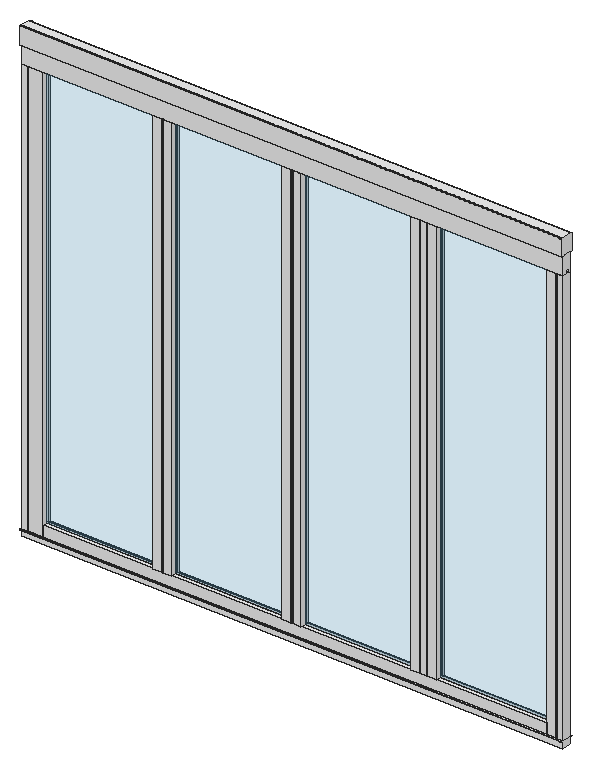
Revit family "98126", category Windows, host Wall, Revit 2018 (continued)
Definition of nested family "Right-Jamb_HSW-60"
  Definition of nested family "Profile_RightJamb_HSW60"
    Lines and regions (in)
      model lines, in view "Ref. Level"
        curve 894: line (-2.14743, 0.61943, 0) -> (-2.15919, 0.6398, 0)
        curve 895: line (-2.15919, 0.6398, 0) -> (-2.15919, 0.67417, 0)
        curve 896: line (-2.15919, 0.67417, 0) -> (-2.15919, 0.6398, 0)
        curve 897: line (-2.15919, 0.6398, 0) -> (-2.14743, 0.61943, 0)
        curve 898: line (-2.14743, 0.61943, 0) -> (-2.15919, 0.59906, 0)
        curve 899: line (-2.15919, 0.59906, 0) -> (-2.15919, 0.34934, 0)
        curve 900: line (-1.99384, 0.76278, 0) -> (-2.10611, 0.73943, 0)
        curve 901: line (-2.10611, 0.73943, 0) -> (-1.99384, 0.76278, 0)
        curve 902: line (-1.99384, 0.76278, 0) -> (-2.10611, 0.73943, 0)
        curve 903: line (-2.10611, 0.73943, 0) -> (-1.99384, 0.76278, 0)
        curve 904: line (-0.12447, 1.09773, 0) -> (-0.02254, 1.09773, 0)
        curve 905: line (-0.02254, 1.09773, 0) -> (-0.12447, 1.09773, 0)
        curve 906: line (-0.12447, 1.09773, 0) -> (-0.02254, 1.09773, 0)
        curve 907: line (-0.02254, 1.09773, 0) -> (-0.12447, 1.09773, 0)
        curve 908: line (-0.29697, 0.93307, 0) -> (-0.29697, 0.99481, 0)
        curve 909: line (-0.29697, 0.99481, 0) -> (-0.29697, 0.93307, 0)
        curve 910: line (-0.29697, 0.93307, 0) -> (-0.29697, 0.99481, 0)
        curve 911: line (-0.29697, 0.99481, 0) -> (-0.29697, 0.93307, 0)
        curve 912: line (-0.21072, 0.89386, 0) -> (-0.21072, 0.92523, 0)
        curve 913: line (-0.21072, 0.92523, 0) -> (-0.21072, 0.89386, 0)
        curve 914: line (-0.21072, 0.89386, 0) -> (-0.25777, 0.89386, 0)
        curve 915: line (-0.25777, 0.89386, 0) -> (-0.21072, 0.89386, 0)
        curve 916: line (-0.21072, 0.89386, 0) -> (-0.21072, 0.92523, 0)
        curve 917: line (-0.21072, 0.92523, 0) -> (-0.21072, 0.89386, 0)
        curve 918: line (-0.21072, 0.89386, 0) -> (-0.25777, 0.89386, 0)
        curve 919: line (-0.25777, 0.89386, 0) -> (-0.21072, 0.89386, 0)
        curve 920: line (-0.04848, 0.89827, 0) -> (-0.18491, 0.94382, 0)
        curve 921: line (-0.18491, 0.94382, 0) -> (-0.04848, 0.89827, 0)
        curve 922: line (-0.04848, 0.89827, 0) -> (-0.18491, 0.94382, 0)
        curve 923: line (-0.18491, 0.94382, 0) -> (-0.04848, 0.89827, 0)
        curve 924: line (-0.00294, 0.34934, 0) -> (-0.00294, 0.83506, 0)
        curve 925: line (-0.00294, 0.83506, 0) -> (-0.00294, 0.34934, 0)
        curve 926: line (-0.06959, 0.54886, 0) -> (-0.94668, 0.54886, 0)
        curve 927: line (-0.94668, 0.54886, 0) -> (-0.06959, 0.54886, 0)
        curve 928: line (-0.06959, 0.54886, 0) -> (-0.94668, 0.54886, 0)
        curve 929: line (-0.94668, 0.54886, 0) -> (-0.06959, 0.54886, 0)
        curve 930: line (-0.06959, 0.54886, 0) -> (-0.06959, 0.83506, 0)
        curve 931: line (-0.06959, 0.83506, 0) -> (-0.25777, 0.83506, 0)
        curve 932: line (-0.25777, 0.83506, 0) -> (-0.06959, 0.83506, 0)
        curve 933: line (-0.06959, 0.83506, 0) -> (-0.06959, 0.54886, 0)
        curve 934: line (-0.06959, 0.54886, 0) -> (-0.06959, 0.83506, 0)
        curve 935: line (-0.06959, 0.83506, 0) -> (-0.25777, 0.83506, 0)
        curve 936: line (-0.25777, 0.83506, 0) -> (-0.06959, 0.83506, 0)
        curve 937: line (-0.06959, 0.83506, 0) -> (-0.06959, 0.54886, 0)
        curve 938: line (-0.07645, 0.46261, 0) -> (-0.07645, 0.44144, 0)
        curve 939: line (-0.07645, 0.44144, 0) -> (-0.12055, 0.36505, 0)
        curve 940: line (-0.12055, 0.36505, 0) -> (-0.12055, 0.35535, 0)
        curve 941: line (-0.12055, 0.35535, 0) -> (-0.12055, 0.36505, 0)
        curve 942: line (-0.12055, 0.36505, 0) -> (-0.07645, 0.44144, 0)
        curve 943: line (-0.07645, 0.44144, 0) -> (-0.07645, 0.46261, 0)
        curve 944: line (-0.07645, 0.46261, 0) -> (-0.07645, 0.44144, 0)
        curve 945: line (-0.07645, 0.44144, 0) -> (-0.12055, 0.36505, 0)
        curve 946: line (-0.12055, 0.36505, 0) -> (-0.12055, 0.35535, 0)
        curve 947: line (-0.12055, 0.35535, 0) -> (-0.02763, 0.3304, 0)
        curve 948: line (-0.02762, 0.3304, 0) -> (-0.12055, 0.3553, 0)
        curve 949: line (-0.95944, 0.47045, 0) -> (-0.35405, 0.47045, 0)
        curve 950: line (-0.35405, 0.47045, 0) -> (-0.29746, 0.37244, 0)
        curve 951: line (-0.29746, 0.37244, 0) -> (-0.35405, 0.47045, 0)
        curve 952: line (-0.35405, 0.47045, 0) -> (-0.95944, 0.47045, 0)
        curve 953: line (-1.86467, 0.37244, 0) -> (-1.80808, 0.47045, 0)
        curve 954: line (-1.80808, 0.47045, 0) -> (-1.16349, 0.47045, 0)
        curve 955: line (-1.16349, 0.47045, 0) -> (-1.80808, 0.47045, 0)
        curve 956: line (-1.80808, 0.47045, 0) -> (-1.86467, 0.37244, 0)
        curve 957: line (-1.96317, 0.35284, 0) -> (-1.89862, 0.35284, 0)
        curve 958: line (-1.89862, 0.35284, 0) -> (-1.96317, 0.35284, 0)
        curve 959: line (-1.96317, 0.35284, 0) -> (-1.96317, 0.36505, 0)
        curve 960: line (-1.96317, 0.36505, 0) -> (-1.91906, 0.44144, 0)
        curve 961: line (-1.91906, 0.44144, 0) -> (-1.91906, 0.46261, 0)
        curve 962: line (-1.17625, 0.54886, 0) -> (-1.50447, 0.54886, 0)
        curve 963: line (-1.50447, 0.54886, 0) -> (-1.50447, 0.78801, 0)
        curve 964: line (-1.50447, 0.78801, 0) -> (-1.3751, 0.78801, 0)
        curve 965: line (-1.3751, 0.78801, 0) -> (-1.50447, 0.78801, 0)
        curve 966: line (-1.50447, 0.78801, 0) -> (-1.3751, 0.78801, 0)
        curve 967: line (-1.96317, -0.35284, 0) -> (-1.89862, -0.35284, 0)
        curve 968: line (-1.89862, -0.35284, 0) -> (-1.95294, -0.35284, 0)
        curve 969: line (-1.95294, -0.35284, 0) -> (-1.89862, -0.35284, 0)
        curve 970: line (-1.89862, -0.35284, 0) -> (-1.96317, -0.35284, 0)
        curve 971: line (-1.96317, -0.35284, 0) -> (-1.96317, -0.36505, 0)
        curve 972: line (-1.96317, -0.36505, 0) -> (-1.91906, -0.44144, 0)
        curve 973: line (-1.91906, -0.44144, 0) -> (-1.91906, -0.46261, 0)
        curve 974: line (-1.91906, -0.46261, 0) -> (-1.91906, -0.44144, 0)
        curve 975: line (-1.91906, -0.44144, 0) -> (-1.96317, -0.36505, 0)
        curve 976: line (-1.96317, -0.36505, 0) -> (-1.96317, -0.32593, 0)
        curve 977: line (-1.96317, -0.32593, 0) -> (-1.96317, -0.36505, 0)
        curve 978: line (-0.95944, -0.47045, 0) -> (-0.35405, -0.47045, 0)
        curve 979: line (-0.35405, -0.47045, 0) -> (-0.29746, -0.37244, 0)
        curve 980: line (-0.29746, -0.37244, 0) -> (-0.35405, -0.47045, 0)
        curve 981: line (-0.35405, -0.47045, 0) -> (-0.95944, -0.47045, 0)
        curve 982: line (-0.19896, -0.35284, 0) -> (-0.26351, -0.35284, 0)
        curve 983: line (-0.26351, -0.35284, 0) -> (-0.19896, -0.35284, 0)
        curve 984: line (-0.19896, -0.35284, 0) -> (-0.19896, -0.36505, 0)
        curve 985: line (-0.19896, -0.36505, 0) -> (-0.24307, -0.44144, 0)
        curve 986: line (-0.24307, -0.44144, 0) -> (-0.24307, -0.46261, 0)
        curve 987: line (-0.24307, -0.46261, 0) -> (-0.24307, -0.44144, 0)
        curve 988: line (-0.24307, -0.44144, 0) -> (-0.19896, -0.36505, 0)
        curve 989: line (-0.19896, -0.36505, 0) -> (-0.19896, -0.32593, 0)
        curve 990: line (-0.19896, -0.32593, 0) -> (-0.19896, -0.36505, 0)
        curve 991: line (-0.19896, -0.36505, 0) -> (-0.24307, -0.44144, 0)
        curve 992: line (-0.24307, -0.44144, 0) -> (-0.24307, -0.46261, 0)
        curve 993: line (-2.15919, -0.67417, 0) -> (-2.15919, -0.6398, 0)
        curve 994: line (-2.15919, -0.6398, 0) -> (-2.14743, -0.61943, 0)
        curve 995: line (-2.14743, -0.61943, 0) -> (-2.15919, -0.59906, 0)
        curve 996: line (-2.15919, -0.59906, 0) -> (-2.15919, -0.34934, 0)
        curve 997: line (-2.15919, -0.34934, 0) -> (-2.15919, -0.59906, 0)
        curve 998: line (-2.15919, -0.59906, 0) -> (-2.14743, -0.61943, 0)
        curve 999: line (-2.14743, -0.61943, 0) -> (-2.15919, -0.6398, 0)
        curve 1000: line (-2.15919, -0.6398, 0) -> (-2.15919, -0.67417, 0)
        curve 1001: line (-1.99384, -0.76278, 0) -> (-2.10611, -0.73943, 0)
        curve 1002: line (-2.10611, -0.73943, 0) -> (-1.99384, -0.76278, 0)
        curve 1003: line (-1.57112, -0.87034, 0) -> (-1.57112, -0.54886, 0)
        curve 1004: line (-1.57112, -0.54886, 0) -> (-2.09254, -0.54886, 0)
        curve 1005: line (-2.09254, -0.54886, 0) -> (-2.09254, -0.69019, 0)
        curve 1006: line (-2.09254, -0.69019, 0) -> (-1.98346, -0.71288, 0)
        curve 1007: line (-1.98346, -0.71288, 0) -> (-2.09254, -0.69019, 0)
        curve 1008: line (-2.09254, -0.69019, 0) -> (-2.09254, -0.54886, 0)
        curve 1009: line (-2.09254, -0.54886, 0) -> (-1.57112, -0.54886, 0)
        curve 1010: line (-1.57112, -0.54886, 0) -> (-1.57112, -0.87034, 0)
        curve 1011: line (-1.53192, -0.88994, 0) -> (-1.53192, -0.85074, 0)
        curve 1012: line (-1.53192, -0.85074, 0) -> (-1.3751, -0.85074, 0)
        curve 1013: line (-1.3751, -0.85074, 0) -> (-1.3751, -1.10557, 0)
        curve 1014: line (-1.3751, -1.10557, 0) -> (-1.53192, -1.10557, 0)
        curve 1015: line (-1.53192, -1.10557, 0) -> (-1.53192, -1.06636, 0)
        curve 1016: line (-1.53192, -1.06636, 0) -> (-1.55152, -1.06636, 0)
        curve 1017: line (-1.55152, -1.06636, 0) -> (-1.53192, -1.06636, 0)
        curve 1018: line (-1.53192, -1.06636, 0) -> (-1.53192, -1.10557, 0)
        curve 1019: line (-1.53192, -1.10557, 0) -> (-1.3751, -1.10557, 0)
        curve 1020: line (-1.3751, -1.10557, 0) -> (-1.3751, -0.85074, 0)
        curve 1021: line (-1.3751, -0.85074, 0) -> (-1.53192, -0.85074, 0)
        curve 1022: line (-1.53192, -0.85074, 0) -> (-1.53192, -0.88994, 0)
        curve 1023: line (-1.53192, -0.88994, 0) -> (-1.55152, -0.88994, 0)
        curve 1024: line (-1.55152, -0.88994, 0) -> (-1.53192, -0.88994, 0)
        curve 1025: line (-1.53192, -0.88994, 0) -> (-1.53192, -0.86054, 0)
        curve 1026: line (-1.53192, -0.86054, 0) -> (-1.51232, -0.86054, 0)
        curve 1027: line (-1.51232, -0.86054, 0) -> (-1.44419, -0.93983, 0)
        curve 1028: line (-0.00294, -1.11733, 0) -> (-0.00294, -1.16438, 0)
        curve 1029: line (-0.00294, -1.16438, 0) -> (-1.57112, -1.16438, 0)
        curve 1030: line (-1.57112, -1.16438, 0) -> (-1.57112, -1.08597, 0)
        curve 1031: line (-1.57112, -1.08597, 0) -> (-1.57112, -1.16438, 0)
        curve 1032: line (-1.57112, -1.16438, 0) -> (-0.00294, -1.16438, 0)
        curve 1033: line (-0.00294, -1.16438, 0) -> (-0.00294, -1.11733, 0)
        curve 1034: line (-0.12447, -1.09773, 0) -> (-0.02254, -1.09773, 0)
        curve 1035: line (-0.02254, -1.09773, 0) -> (-0.12447, -1.09773, 0)
        curve 1036: line (-0.29697, -0.93307, 0) -> (-0.29697, -0.99481, 0)
        curve 1037: line (-0.29697, -0.99481, 0) -> (-0.29697, -0.93307, 0)
        curve 1038: line (-0.21072, -0.92523, 0) -> (-0.21072, -0.89386, 0)
        curve 1039: line (-0.21072, -0.89386, 0) -> (-0.25777, -0.89386, 0)
        curve 1040: line (-0.25777, -0.89386, 0) -> (-0.21072, -0.89386, 0)
        curve 1041: line (-0.21072, -0.89386, 0) -> (-0.21072, -0.92523, 0)
        curve 1042: line (-0.04848, -0.89827, 0) -> (-0.18491, -0.94382, 0)
        curve 1043: line (-0.18491, -0.94382, 0) -> (-0.04848, -0.89827, 0)
        curve 1044: line (-0.00294, -0.34934, 0) -> (-0.00294, -0.83506, 0)
        curve 1045: line (-0.00294, -0.83506, 0) -> (-0.00294, -0.34934, 0)
        curve 1046: line (-1.80808, -0.47045, 0) -> (-1.86467, -0.37244, 0)
        curve 1047: line (-1.86467, -0.37244, 0) -> (-1.80808, -0.47045, 0)
        curve 1048: line (-1.80808, -0.47045, 0) -> (-1.16349, -0.47045, 0)
        curve 1049: line (-1.16349, -0.47045, 0) -> (-1.80808, -0.47045, 0)
        curve 1050: line (-1.80808, -0.47045, 0) -> (-1.86467, -0.37244, 0)
        curve 1051: line (-1.86467, -0.37244, 0) -> (-1.80808, -0.47045, 0)
        curve 1052: line (-1.80808, -0.47045, 0) -> (-1.16349, -0.47045, 0)
        curve 1053: line (-1.16349, -0.47045, 0) -> (-1.80808, -0.47045, 0)
        curve 1054: line (-1.50447, -0.78801, 0) -> (-1.50447, -0.54886, 0)
        curve 1055: line (-1.50447, -0.54886, 0) -> (-1.17625, -0.54886, 0)
        curve 1056: line (-1.17625, -0.54886, 0) -> (-1.50447, -0.54886, 0)
        curve 1057: line (-1.50447, -0.54886, 0) -> (-1.50447, -0.78801, 0)
        curve 1058: line (-1.50447, -0.78801, 0) -> (-1.3751, -0.78801, 0)
        curve 1059: line (-1.3751, -0.78801, 0) -> (-1.50447, -0.78801, 0)
        curve 1060: line (-1.50447, -0.78801, 0) -> (-1.50447, -0.54886, 0)
        curve 1061: line (-1.50447, -0.54886, 0) -> (-1.17625, -0.54886, 0)
        curve 1062: line (-1.17625, -0.54886, 0) -> (-1.50447, -0.54886, 0)
        curve 1063: line (-1.50447, -0.54886, 0) -> (-1.50447, -0.78801, 0)
        curve 1064: line (-1.50447, -0.78801, 0) -> (-1.3751, -0.78801, 0)
        curve 1065: line (-1.3751, -0.78801, 0) -> (-1.50447, -0.78801, 0)
        curve 1066: line (-1.30845, -0.85466, 0) -> (-1.30845, -1.09381, 0)
        curve 1067: line (-1.30845, -1.09381, 0) -> (-1.30845, -0.85466, 0)
        curve 1068: line (-1.30845, -0.85466, 0) -> (-1.30845, -1.09381, 0)
        curve 1069: line (-1.30845, -1.09381, 0) -> (-0.36362, -1.09381, 0)
        curve 1070: line (-0.36362, -1.09381, 0) -> (-0.36362, -0.94091, 0)
        curve 1071: line (-0.36362, -0.94091, 0) -> (-0.36362, -1.09381, 0)
        curve 1072: line (-0.36362, -1.09381, 0) -> (-1.30845, -1.09381, 0)
        curve 1073: line (-1.30845, -1.09381, 0) -> (-1.30845, -0.85466, 0)
        curve 1074: line (-0.25777, -0.83506, 0) -> (-0.06959, -0.83506, 0)
        curve 1075: line (-0.06959, -0.83506, 0) -> (-0.06959, -0.54886, 0)
        curve 1076: line (-0.06959, -0.54886, 0) -> (-0.94668, -0.54886, 0)
        curve 1077: line (-0.94668, -0.54886, 0) -> (-0.06959, -0.54886, 0)
        curve 1078: line (-0.06959, -0.54886, 0) -> (-0.06959, -0.83506, 0)
        curve 1079: line (-0.06959, -0.83506, 0) -> (-0.25777, -0.83506, 0)
        curve 1105: line (-0.36362, -1.09381, 0) -> (-0.36362, -0.94091, 0)
        curve 1106: line (-0.36362, -0.94091, 0) -> (-0.36362, -1.09381, 0)
        curve 1107: line (-0.24307, 0.46261, 0) -> (-0.24307, 0.44144, 0)
        curve 1108: line (-0.24307, 0.44144, 0) -> (-0.19896, 0.36505, 0)
        curve 1109: line (-0.19896, 0.36505, 0) -> (-0.19896, 0.32593, 0)
        curve 1110: line (-0.19896, 0.32593, 0) -> (-0.19896, 0.36505, 0)
        curve 1111: line (-0.19896, 0.36505, 0) -> (-0.24307, 0.44144, 0)
        curve 1112: line (-0.24307, 0.44144, 0) -> (-0.24307, 0.46261, 0)
        curve 1113: line (-0.24307, 0.46261, 0) -> (-0.24307, 0.44144, 0)
        curve 1114: line (-0.24307, 0.44144, 0) -> (-0.19896, 0.36505, 0)
        curve 1115: line (-0.19896, 0.36505, 0) -> (-0.19896, 0.35284, 0)
        curve 1116: line (-0.19896, 0.35284, 0) -> (-0.26351, 0.35284, 0)
        curve 1117: line (-0.26351, 0.35284, 0) -> (-0.19896, 0.35284, 0)
        curve 1118: line (-0.07645, -0.46261, 0) -> (-0.07645, -0.44144, 0)
        curve 1119: line (-0.07645, -0.44144, 0) -> (-0.12055, -0.36505, 0)
        curve 1120: line (-0.12055, -0.36505, 0) -> (-0.12055, -0.35535, 0)
        curve 1121: line (-0.12055, -0.35535, 0) -> (-0.02763, -0.3304, 0)
        curve 1122: line (-0.02763, -0.3304, 0) -> (-0.12055, -0.35535, 0)
        curve 1123: line (-0.12055, -0.35535, 0) -> (-0.12055, -0.36505, 0)
        curve 1124: line (-0.12055, -0.36505, 0) -> (-0.07645, -0.44144, 0)
        curve 1125: line (-0.07645, -0.44144, 0) -> (-0.07645, -0.46261, 0)
        curve 1126: line (-0.07645, -0.46261, 0) -> (-0.07645, -0.44144, 0)
        curve 1127: line (-0.07645, -0.44144, 0) -> (-0.12055, -0.36505, 0)
        curve 1128: line (-0.12055, -0.36505, 0) -> (-0.12055, -0.35535, 0)
        curve 1129: line (-2.08568, -0.46261, 0) -> (-2.08568, -0.44144, 0)
        curve 1130: line (-2.08568, -0.44144, 0) -> (-2.04158, -0.36505, 0)
        curve 1131: line (-2.04158, -0.36505, 0) -> (-2.04158, -0.35535, 0)
        curve 1132: line (-0.36362, 1.09381, 0) -> (-0.36362, 0.94091, 0)
        curve 1133: line (-0.36362, 0.94091, 0) -> (-0.36362, 1.09381, 0)
        curve 1134: line (-0.36362, 1.09381, 0) -> (-1.30845, 1.09381, 0)
        curve 1135: line (-1.30845, 1.09381, 0) -> (-1.30845, 0.85466, 0)
        curve 1136: line (-1.53192, 0.88994, 0) -> (-1.53192, 0.85074, 0)
        curve 1137: line (-1.53192, 0.85074, 0) -> (-1.3751, 0.85074, 0)
        curve 1138: line (-1.3751, 0.85074, 0) -> (-1.3751, 1.10557, 0)
        curve 1139: line (-1.3751, 1.10557, 0) -> (-1.53192, 1.10557, 0)
        curve 1140: line (-1.53192, 1.10557, 0) -> (-1.53192, 1.06636, 0)
        curve 1141: line (-1.53192, 1.06636, 0) -> (-1.55152, 1.06636, 0)
        curve 1142: line (-1.57112, 1.08597, 0) -> (-1.57112, 1.16438, 0)
        curve 1143: line (-1.57112, 1.16438, 0) -> (-0.00294, 1.16438, 0)
        curve 1144: line (-0.00294, 1.16438, 0) -> (-0.00294, 1.11733, 0)
        curve 1145: line (-0.00294, 1.11733, 0) -> (-0.00294, 1.16438, 0)
        curve 1146: line (-1.57112, 0.87034, 0) -> (-1.57112, 0.54886, 0)
        curve 1147: line (-1.57112, 0.54886, 0) -> (-2.09254, 0.54886, 0)
        curve 1148: line (-2.09254, 0.54886, 0) -> (-2.09254, 0.69019, 0)
        curve 1149: line (-2.09254, 0.69019, 0) -> (-1.98346, 0.71288, 0)
        curve 1150: line (-1.98346, 0.71288, 0) -> (-2.09254, 0.69019, 0)
        curve 1151: line (-2.09254, 0.69019, 0) -> (-2.09254, 0.54886, 0)
        curve 1152: arc (-2.10611, 0.73943, 0) -> (-2.14425, 0.71623, 0) -> (-2.15919, 0.67417, 0) r 0.06665
        curve 1153: arc (-2.10611, 0.73943, 0) -> (-2.14425, 0.71623, 0) -> (-2.15919, 0.67417, 0) r 0.06665
        curve 1154: arc (-1.3751, 0.78801, 0) -> (-1.32797, 0.80753, 0) -> (-1.30845, 0.85466, 0) r 0.06665
        curve 1155: arc (-1.57112, 1.08597, 0) -> (-1.56538, 1.07211, 0) -> (-1.55152, 1.06636, 0) r 0.0196
        curve 1156: arc (-1.55152, 0.88994, 0) -> (-1.56538, 0.8842, 0) -> (-1.57112, 0.87034, 0) r 0.0196
        curve 1157: arc (-0.02254, 1.09773, 0) -> (-0.00868, 1.10347, 0) -> (-0.00294, 1.11733, 0) r 0.0196
        curve 1158: arc (-0.02254, 1.09773, 0) -> (-0.00868, 1.10347, 0) -> (-0.00294, 1.11733, 0) r 0.0196
Definition of nested family "Sill_HSW60"
  Parameters
    system length 1 = 12' - 0"
    Sill = none
    Height = 0' - 0"
    Half = yes
    Assembly Code = ""
  Reference planes (in)
    plane 1 "Center (Front/Back)": y = 0
    plane 2: z = 0
    plane 3 "Center (Left/Right)": x = -7.30207
    plane 4 "Left": x = -79.30207
    plane 5 "Right": x = 64.69793
    plane 6 "Top": z = 0
  Forms (in)
    Sweep 1, solid, material <- "Sill"
      path origin (-67.09578, 179.98047, 0) x (-1, 0, 0) y (0, -1, 0)
        loop
          line (12.20629, 180) -> (-131.79371, 180)
      profile origin (-7.30207, -0.01953, 0) x (0, 1, 0) y (0, 0, 1)
        loop
          line (1.168, 0) -> (1.6741, 0) -> (1.6741, 0.03893) -> (1.63517, 0.07786) -> (-1.5961, 0.07786) -> (-1.63504, 0.03893) -> (-1.63504, 0) -> (-1.12893, 0) -> (-1.12893, -1.75189) -> (1.168, -1.75189) -> (1.168, 0)
  Dimensions and locks (in)
    equal spacing: plane 4 "Left", plane 3 "Center (Left/Right)", plane 5 "Right"
    "system length 1": plane 4 "Left" to plane 5 "Right"
    "Height": plane 6 "Top" to level
    aligned and locked: Sweep 1 sketch curve to level
    aligned and locked: profile plane to Sweep 1 sketch curve
    aligned and locked: nested 1 to plane 6 "Top"
    aligned and locked: nested 1 to plane 1 "Center (Front/Back)"
  Automatic sketch dimensions
    plane 1 "Center (Front/Back)" to Sweep 1 sketch curve = 0' - 0 5/256"
    Sweep 1 sketch curve to plane 5 "Right" = 0' - 0"
    Sweep 1 sketch curve to plane 4 "Left" = 0' - 0"
    Sweep 1 sketch curve to Sweep 1 sketch curve = 0' - 0.03893"  (x5)
    Sweep 1 sketch curve to Sweep 1 sketch curve = 0' - 0.5061"
    Sweep 1 sketch curve to Sweep 1 sketch curve = 0' - 1.75189"
    profile plane to Sweep 1 sketch curve = 0' - 1.63504"
    Sweep 1 sketch curve to profile plane = 0' - 1.168"
    Sweep 1 sketch curve to Sweep 1 sketch curve = 0' - 0.46717"
  Nested families (in)
    nested 1: "Profile_Sill_HSW60" at (-79.30207, 0, 0) x (0, 1, 0) z (1, 0, 0), type "Profile_Sill_HSW60"
  Definition of nested family "Profile_Sill_HSW60"
    Parameters
      SmartBIM Object Version = 1  # constant formula
      SmartBIM Object Created By = "Reed Construction Data"  # constant formula
      Half = yes
      Assembly Code = ""
      95 CSI = ""
      04 CSI = ""
    Reference planes (in)
      plane 1 "Center (Front/Back)": y = 0
      plane 2: z = 0
      plane 3 "Center (Left/Right)": x = 0
    Lines and regions (in)
      model lines, in view "Ref. Level"
        curve 1: arc (-0.27814, 0.98301, 0) -> (-0.27101, 0.97588, 0) -> (-0.26128, 0.97327, 0) r 0.01947
        curve 2: arc (-0.46717, 1.05406, 0) -> (-0.46489, 1.04855, 0) -> (-0.45939, 1.04627, 0) r 0.00779
        curve 3: arc (-0.45939, 1.21173, 0) -> (-0.46489, 1.20945, 0) -> (-0.46717, 1.20394, 0) r 0.00779
        curve 4: arc (-0.28994, 1.14846, 0) -> (-0.30419, 1.16271, 0) -> (-0.32365, 1.16793, 0) r 0.03893
        curve 5: arc (0.32365, 1.16793, 0) -> (0.30419, 1.16271, 0) -> (0.28994, 1.14846, 0) r 0.03893
        curve 6: arc (0.46717, 1.20394, 0) -> (0.46489, 1.20945, 0) -> (0.45939, 1.21173, 0) r 0.00779
        curve 7: arc (0.45939, 1.04627, 0) -> (0.46489, 1.04855, 0) -> (0.46717, 1.05406, 0) r 0.00779
        curve 8: arc (0.26128, 0.97327, 0) -> (0.27101, 0.97588, 0) -> (0.27814, 0.98301, 0) r 0.01947
        curve 9: arc (0.35287, 1.09007, 0) -> (0.34314, 1.08746, 0) -> (0.33601, 1.08033, 0) r 0.01947
        curve 10: arc (-0.33601, 1.08033, 0) -> (-0.34314, 1.08746, 0) -> (-0.35287, 1.09007, 0) r 0.01947
        curve 11: arc (-0.24105, 1.06379, 0) -> (-0.2268, 1.04954, 0) -> (-0.20733, 1.04432, 0) r 0.03893
        curve 12: arc (0.20733, 1.04432, 0) -> (0.2268, 1.04954, 0) -> (0.24105, 1.06379, 0) r 0.03893
        curve 13: arc (1.09201, 0.59564, 0) -> (1.07825, 0.58994, 0) -> (1.07255, 0.57618, 0) r 0.01947
        curve 14: arc (1.05892, 0.48664, 0) -> (1.06462, 0.47287, 0) -> (1.07839, 0.46717, 0) r 0.01947
        curve 15: arc (0.87011, 0.57618, 0) -> (0.86441, 0.58994, 0) -> (0.85064, 0.59564, 0) r 0.01947
        curve 16: arc (0.86427, 0.46717, 0) -> (0.87803, 0.47287, 0) -> (0.88373, 0.48664, 0) r 0.01947
        curve 17: arc (1.10953, 2.02441, 0) -> (1.09577, 2.01871, 0) -> (1.09007, 2.00495, 0) r 0.01947
        curve 18: arc (0.3281, 0.99778, 0) -> (0.33145, 0.98089, 0) -> (0.3469, 0.97327, 0) r 0.01947
        curve 19: arc (0.76694, 0.85826, 0) -> (0.73325, 0.93959, 0) -> (0.65193, 0.97327, 0) r 0.11501
        curve 20: arc (0.78722, 0.49817, 0) -> (0.80077, 0.4759, 0) -> (0.82534, 0.46717, 0) r 0.03893
        curve 21: arc (0.98787, 1.73243, 0) -> (1.06258, 1.80399, 0) -> (1.09007, 1.90372, 0) r 0.19465
        curve 22: arc (0.88763, 1.77136, 0) -> (0.89903, 1.74383, 0) -> (0.92656, 1.73243, 0) r 0.03893
        curve 23: arc (0.91877, 1.81808, 0) -> (0.93485, 1.82657, 0) -> (0.9369, 1.84463, 0) r 0.01947
        curve 24: arc (0.88309, 1.98232, 0) -> (0.85876, 2.01288, 0) -> (0.82144, 2.02441, 0) r 0.06618
        curve 25: arc (0.3469, 2.02441, 0) -> (0.33145, 2.0168, 0) -> (0.3281, 1.99991, 0) r 0.01947
        curve 26: arc (0.35038, 1.76566, 0) -> (0.35559, 1.74619, 0) -> (0.36984, 1.73194, 0) r 0.03893
        curve 27: arc (0.36984, 1.26574, 0) -> (0.35559, 1.25149, 0) -> (0.35038, 1.23203, 0) r 0.03893
        curve 28: arc (0.83312, 0.88373, 0) -> (0.77197, 0.99636, 0) -> (0.65193, 1.04124, 0) r 0.18298
        curve 29: arc (0.82144, 1.77136, 0) -> (0.85223, 1.69703, 0) -> (0.92656, 1.66625, 0) r 0.10511
        curve 30: arc (-0.65015, 1.03946, 0) -> (-0.76951, 0.99517, 0) -> (-0.83108, 0.88373, 0) r 0.18298
        curve 31: arc (-0.35038, 1.23203, 0) -> (-0.35559, 1.25149, 0) -> (-0.36984, 1.26574, 0) r 0.03893
        curve 32: arc (-0.3469, 0.97327, 0) -> (-0.33145, 0.98089, 0) -> (-0.3281, 0.99779, 0) r 0.01947
        curve 33: arc (-0.65015, 0.97327, 0) -> (-0.73273, 0.93907, 0) -> (-0.76694, 0.85648, 0) r 0.11679
        curve 34: arc (-0.82534, 0.46717, 0) -> (-0.80077, 0.4759, 0) -> (-0.78722, 0.49817, 0) r 0.03893
        curve 35: arc (-0.3281, 1.99991, 0) -> (-0.33145, 2.0168, 0) -> (-0.3469, 2.02441, 0) r 0.01947
        curve 36: arc (-0.36984, 1.73194, 0) -> (-0.35559, 1.74619, 0) -> (-0.35038, 1.76566, 0) r 0.03893
        curve 37: arc (-0.88373, 0.48664, 0) -> (-0.87803, 0.47287, 0) -> (-0.86427, 0.46717, 0) r 0.01947
        curve 38: arc (-1.07839, 0.46717, 0) -> (-1.06462, 0.47287, 0) -> (-1.05892, 0.48664, 0) r 0.01947
        curve 39: arc (-1.07255, 0.57618, 0) -> (-1.07825, 0.58994, 0) -> (-1.09201, 0.59564, 0) r 0.01947
        curve 40: arc (-0.85064, 0.59564, 0) -> (-0.86441, 0.58994, 0) -> (-0.87011, 0.57618, 0) r 0.01947
        curve 41: arc (-0.98106, 2.40204, 0) -> (-0.98448, 2.4103, 0) -> (-0.99274, 2.41372, 0) r 0.01168
        curve 42: arc (-0.99274, 2.69013, 0) -> (-0.98448, 2.69355, 0) -> (-0.98106, 2.70181, 0) r 0.01168
        curve 43: arc (-0.82923, 2.02441, 0) -> (-0.84638, 2.02215, 0) -> (-0.86235, 2.01553, 0) r 0.06618
        curve 44: arc (-1.01999, 2.32029, 0) -> (-0.99246, 2.33169, 0) -> (-0.98106, 2.35922, 0) r 0.03893
        curve 45: arc (0.33601, 1.91735, 0) -> (0.34314, 1.91023, 0) -> (0.35287, 1.90762, 0) r 0.01947
        curve 46: arc (-0.35287, 1.90762, 0) -> (-0.34314, 1.91023, 0) -> (-0.33601, 1.91735, 0) r 0.01947
        curve 47: arc (-0.20733, 1.95336, 0) -> (-0.2268, 1.94815, 0) -> (-0.24105, 1.9339, 0) r 0.03893
        curve 48: arc (0.24105, 1.9339, 0) -> (0.2268, 1.94815, 0) -> (0.20733, 1.95336, 0) r 0.03893
        curve 49: arc (-0.45939, 1.95142, 0) -> (-0.46489, 1.94913, 0) -> (-0.46717, 1.94363, 0) r 0.00779
        curve 50: arc (-0.46717, 1.79374, 0) -> (-0.46489, 1.78824, 0) -> (-0.45939, 1.78596, 0) r 0.00779
        curve 51: arc (-0.32365, 1.82976, 0) -> (-0.30419, 1.83497, 0) -> (-0.28994, 1.84922, 0) r 0.03893
        curve 52: arc (0.28994, 1.84922, 0) -> (0.30419, 1.83497, 0) -> (0.32365, 1.82976, 0) r 0.03893
        curve 53: arc (0.45939, 1.78596, 0) -> (0.46489, 1.78824, 0) -> (0.46717, 1.79374, 0) r 0.00779
        curve 54: arc (0.46717, 1.94363, 0) -> (0.46489, 1.94913, 0) -> (0.45939, 1.95142, 0) r 0.00779
        curve 55: arc (-0.26128, 2.02441, 0) -> (-0.27101, 2.0218, 0) -> (-0.27814, 2.01468, 0) r 0.01947
        curve 56: arc (0.27814, 2.01468, 0) -> (0.27101, 2.0218, 0) -> (0.26128, 2.02441, 0) r 0.01947
        curve 57: arc (0.31707, -0.92481, 0) -> (0.30994, -0.91768, 0) -> (0.30021, -0.91507, 0) r 0.01947
        curve 58: arc (-0.30021, -0.91507, 0) -> (-0.30994, -0.91768, 0) -> (-0.31707, -0.92481, 0) r 0.01947
        curve 59: arc (-0.3918, -1.03479, 0) -> (-0.38207, -1.03218, 0) -> (-0.37494, -1.02505, 0) r 0.01947
        curve 60: arc (-0.49832, -0.99099, 0) -> (-0.50382, -0.99327, 0) -> (-0.5061, -0.99877, 0) r 0.00779
        curve 61: arc (-0.5061, -1.14866, 0) -> (-0.50382, -1.15416, 0) -> (-0.49832, -1.15644, 0) r 0.00779
        curve 62: arc (-0.36258, -1.11265, 0) -> (-0.35795, -1.11237, 0) -> (-0.35338, -1.11154, 0) r 0.03893
        curve 63: arc (-0.35052, -1.11073, 0) -> (-0.34747, -1.1096, 0) -> (-0.34453, -1.10821, 0) r 0.03893
        curve 64: arc (-0.34173, -1.10659, 0) -> (-0.33906, -1.10474, 0) -> (-0.33655, -1.10267, 0) r 0.03893
        curve 65: arc (-0.33442, -1.1006, 0) -> (-0.33142, -1.09706, 0) -> (-0.32887, -1.09318, 0) r 0.03893
        curve 66: arc (-0.27218, -0.9972, 0) -> (-0.27518, -1.00074, 0) -> (-0.27773, -1.00461, 0) r 0.03893
        curve 67: arc (-0.26487, -0.9912, 0) -> (-0.26754, -0.99306, 0) -> (-0.27004, -0.99513, 0) r 0.03893
        curve 68: arc (-0.25608, -0.98706, 0) -> (-0.25912, -0.9882, 0) -> (-0.26206, -0.98958, 0) r 0.03893
        curve 69: arc (-0.24402, -0.98515, 0) -> (-0.24865, -0.98543, 0) -> (-0.25322, -0.98625, 0) r 0.03893
        curve 70: arc (0.25322, -0.98625, 0) -> (0.24865, -0.98543, 0) -> (0.24402, -0.98515, 0) r 0.03893
        curve 71: arc (0.26207, -0.98959, 0) -> (0.25913, -0.9882, 0) -> (0.25608, -0.98706, 0) r 0.03893
        curve 72: arc (0.27005, -0.99513, 0) -> (0.26754, -0.99306, 0) -> (0.26487, -0.9912, 0) r 0.03893
        curve 73: arc (0.27773, -1.00461, 0) -> (0.27518, -1.00074, 0) -> (0.27218, -0.9972, 0) r 0.03893
        curve 74: arc (0.32887, -1.09318, 0) -> (0.33142, -1.09706, 0) -> (0.33442, -1.1006, 0) r 0.03893
        curve 75: arc (0.33656, -1.10267, 0) -> (0.33906, -1.10474, 0) -> (0.34173, -1.10659, 0) r 0.03893
        curve 76: arc (0.34454, -1.10821, 0) -> (0.34748, -1.1096, 0) -> (0.35052, -1.11073, 0) r 0.03893
        curve 77: arc (0.35338, -1.11154, 0) -> (0.35795, -1.11237, 0) -> (0.36258, -1.11265, 0) r 0.03893
        curve 78: arc (0.49832, -1.15644, 0) -> (0.50382, -1.15416, 0) -> (0.5061, -1.14866, 0) r 0.00779
        curve 79: arc (0.5061, -0.99877, 0) -> (0.50382, -0.99327, 0) -> (0.49832, -0.99099, 0) r 0.00779
        curve 80: arc (0.37494, -1.02505, 0) -> (0.38207, -1.03218, 0) -> (0.3918, -1.03479, 0) r 0.01947
        curve 81: arc (0.3918, -1.60084, 0) -> (0.38207, -1.60345, 0) -> (0.37494, -1.61057, 0) r 0.01947
        curve 82: arc (0.49832, -1.64464, 0) -> (0.50382, -1.64236, 0) -> (0.5061, -1.63685, 0) r 0.00779
        curve 83: arc (0.5061, -1.48697, 0) -> (0.50382, -1.48146, 0) -> (0.49832, -1.47918, 0) r 0.00779
        curve 84: arc (0.36258, -1.52298, 0) -> (0.35795, -1.52326, 0) -> (0.35338, -1.52408, 0) r 0.03893
        curve 85: arc (0.35052, -1.5249, 0) -> (0.34747, -1.52603, 0) -> (0.34453, -1.52742, 0) r 0.03893
        curve 86: arc (0.34173, -1.52903, 0) -> (0.33906, -1.53089, 0) -> (0.33655, -1.53296, 0) r 0.03893
        curve 87: arc (0.33442, -1.53503, 0) -> (0.33142, -1.53857, 0) -> (0.32887, -1.54245, 0) r 0.03893
        curve 88: arc (0.27218, -1.63843, 0) -> (0.27518, -1.63489, 0) -> (0.27773, -1.63101, 0) r 0.03893
        curve 89: arc (0.26487, -1.64443, 0) -> (0.26754, -1.64257, 0) -> (0.27004, -1.6405, 0) r 0.03893
        curve 90: arc (0.25608, -1.64856, 0) -> (0.25912, -1.64743, 0) -> (0.26206, -1.64604, 0) r 0.03893
        curve 91: arc (0.24402, -1.65048, 0) -> (0.24865, -1.6502, 0) -> (0.25322, -1.64938, 0) r 0.03893
        curve 92: arc (-0.25322, -1.64938, 0) -> (-0.24865, -1.6502, 0) -> (-0.24402, -1.65048, 0) r 0.03893
        curve 93: arc (-0.26207, -1.64604, 0) -> (-0.25913, -1.64743, 0) -> (-0.25608, -1.64856, 0) r 0.03893
        curve 94: arc (-0.27005, -1.6405, 0) -> (-0.26754, -1.64257, 0) -> (-0.26487, -1.64442, 0) r 0.03893
        curve 95: arc (-0.27773, -1.63101, 0) -> (-0.27518, -1.63489, 0) -> (-0.27218, -1.63843, 0) r 0.03893
        curve 96: arc (-0.32887, -1.54245, 0) -> (-0.33142, -1.53857, 0) -> (-0.33442, -1.53503, 0) r 0.03893
        curve 97: arc (-0.33656, -1.53296, 0) -> (-0.33906, -1.53089, 0) -> (-0.34173, -1.52903, 0) r 0.03893
        curve 98: arc (-0.34454, -1.52741, 0) -> (-0.34748, -1.52603, 0) -> (-0.35052, -1.52489, 0) r 0.03893
        curve 99: arc (-0.35338, -1.52408, 0) -> (-0.35795, -1.52326, 0) -> (-0.36258, -1.52298, 0) r 0.03893
        curve 100: arc (-0.49832, -1.47918, 0) -> (-0.50382, -1.48146, 0) -> (-0.5061, -1.48697, 0) r 0.00779
        curve 101: arc (-0.5061, -1.63685, 0) -> (-0.50382, -1.64236, 0) -> (-0.49832, -1.64464, 0) r 0.00779
        curve 102: arc (-0.37494, -1.61057, 0) -> (-0.38207, -1.60345, 0) -> (-0.3918, -1.60084, 0) r 0.01947
        curve 103: arc (-0.31707, -1.71082, 0) -> (-0.30994, -1.71795, 0) -> (-0.30021, -1.72055, 0) r 0.01947
        curve 104: arc (0.30021, -1.72055, 0) -> (0.30994, -1.71795, 0) -> (0.31707, -1.71082, 0) r 0.01947
        curve 105: arc (0.76694, -0.92794, 0) -> (0.75492, -0.90996, 0) -> (0.73371, -0.91418, 0) r 0.01947
        curve 106: arc (0.6229, -0.99274, 0) -> (0.65269, -0.98681, 0) -> (0.67795, -0.96993, 0) r 0.07786
        curve 107: arc (0.92522, -0.13206, 0) -> (0.93628, -0.07949, 0) -> (0.92646, -0.02667, 0) r 0.1382
        curve 108: arc (0.94454, 0, 0) -> (0.92843, -0.00854, 0) -> (0.92646, -0.02667, 0) r 0.01947
        curve 109: arc (0.83702, -0.23164, 0) -> (0.78746, -0.25216, 0) -> (0.76694, -0.30172, 0) r 0.07008
        curve 110: arc (0.75851, -0.14403, 0) -> (0.75442, -0.1196, 0) -> (0.72967, -0.11896, 0) r 0.01947
        curve 111: arc (0.77876, -0.00043, 0) -> (0.72435, -0.04732, 0) -> (0.72967, -0.11896, 0) r 0.07981
        curve 112: arc (0.77876, -0.00043, 0) -> (0.79809, -0.01752, 0) -> (0.81741, -0.00043, 0) r 0.01947
        curve 113: arc (0.8665, -0.11896, 0) -> (0.87182, -0.04732, 0) -> (0.81741, -0.00043, 0) r 0.07981
        curve 114: arc (0.8665, -0.11896, 0) -> (0.84175, -0.1196, 0) -> (0.83766, -0.14403, 0) r 0.01947
        curve 115: arc (0.88941, -0.15572, 0) -> (0.91087, -0.14927, 0) -> (0.92522, -0.13206, 0) r 0.03893
        curve 116: arc (0.81741, -1.47895, 0) -> (0.87182, -1.43206, 0) -> (0.8665, -1.36042, 0) r 0.07981
        curve 117: arc (0.81741, -1.47895, 0) -> (0.79809, -1.46186, 0) -> (0.77876, -1.47895, 0) r 0.01947
        curve 118: arc (0.72967, -1.36042, 0) -> (0.72435, -1.43206, 0) -> (0.77876, -1.47895, 0) r 0.07981
        curve 119: arc (0.72967, -1.36042, 0) -> (0.75442, -1.35977, 0) -> (0.75851, -1.33535, 0) r 0.01947
        curve 120: arc (0.70676, -1.32365, 0) -> (0.6853, -1.3301, 0) -> (0.67095, -1.34732, 0) r 0.03893
        curve 121: arc (0.67095, -1.34732, 0) -> (0.6599, -1.4036, 0) -> (0.67264, -1.45953, 0) r 0.1382
        curve 122: arc (0.65498, -1.48716, 0) -> (0.67138, -1.47818, 0) -> (0.67264, -1.45953, 0) r 0.01947
        curve 123: arc (0.92353, -1.45953, 0) -> (0.92479, -1.47818, 0) -> (0.94119, -1.48716, 0) r 0.01947
        curve 124: arc (0.92353, -1.45953, 0) -> (0.93627, -1.4036, 0) -> (0.92522, -1.34732, 0) r 0.1382
        curve 125: arc (0.92522, -1.34732, 0) -> (0.91087, -1.3301, 0) -> (0.88941, -1.32365, 0) r 0.03893
        curve 126: arc (0.83766, -1.33535, 0) -> (0.84175, -1.35977, 0) -> (0.8665, -1.36042, 0) r 0.01947
        curve 127: arc (0.38583, -0.91488, 0) -> (0.37039, -0.92249, 0) -> (0.36703, -0.93938, 0) r 0.01947
        curve 128: arc (0.58546, -0.1677, 0) -> (0.58723, -0.18599, 0) -> (0.60343, -0.19465, 0) r 0.01947
        curve 129: arc (0.64236, 0.07786, 0) -> (0.6286, 0.07216, 0) -> (0.6229, 0.0584, 0) r 0.01947
        curve 130: arc (1.6351, 0, 0) -> (1.64887, 0.0057, 0) -> (1.65457, 0.01947, 0) r 0.01947
        curve 131: arc (0.5061, -1.73243, 0) -> (0.5118, -1.74619, 0) -> (0.52557, -1.75189, 0) r 0.01947
        curve 132: arc (0.36703, -1.69625, 0) -> (0.37039, -1.71313, 0) -> (0.38583, -1.72075, 0) r 0.01947
        curve 133: arc (0.40878, -1.42828, 0) -> (0.39453, -1.44253, 0) -> (0.38931, -1.462, 0) r 0.03893
        curve 134: arc (0.38931, -1.17363, 0) -> (0.39453, -1.19309, 0) -> (0.40878, -1.20734, 0) r 0.03893
        curve 135: arc (-0.73371, -0.91418, 0) -> (-0.75492, -0.90996, 0) -> (-0.76694, -0.92794, 0) r 0.01947
        curve 136: arc (-0.67795, -0.96993, 0) -> (-0.65269, -0.98681, 0) -> (-0.6229, -0.99274, 0) r 0.07786
        curve 137: arc (-0.75851, -1.33535, 0) -> (-0.75442, -1.35977, 0) -> (-0.72967, -1.36042, 0) r 0.01947
        curve 138: arc (-0.67095, -1.34732, 0) -> (-0.6853, -1.3301, 0) -> (-0.70676, -1.32365, 0) r 0.03893
        curve 139: arc (-0.67264, -1.45953, 0) -> (-0.6599, -1.4036, 0) -> (-0.67095, -1.34732, 0) r 0.1382
        curve 140: arc (-0.67264, -1.45953, 0) -> (-0.67138, -1.47818, 0) -> (-0.65498, -1.48716, 0) r 0.01947
        curve 141: arc (-0.94119, -1.48716, 0) -> (-0.92479, -1.47818, 0) -> (-0.92353, -1.45953, 0) r 0.01947
        curve 142: arc (-0.92522, -1.34732, 0) -> (-0.93627, -1.4036, 0) -> (-0.92353, -1.45953, 0) r 0.1382
        curve 143: arc (-0.88941, -1.32365, 0) -> (-0.91087, -1.3301, 0) -> (-0.92522, -1.34732, 0) r 0.03893
        curve 144: arc (-0.8665, -1.36042, 0) -> (-0.84175, -1.35977, 0) -> (-0.83766, -1.33535, 0) r 0.01947
        curve 145: arc (-0.8665, -1.36042, 0) -> (-0.87182, -1.43206, 0) -> (-0.81741, -1.47895, 0) r 0.07981
        curve 146: arc (-0.77876, -1.47895, 0) -> (-0.79809, -1.46186, 0) -> (-0.81741, -1.47895, 0) r 0.01947
        curve 147: arc (-0.77876, -1.47895, 0) -> (-0.72435, -1.43206, 0) -> (-0.72967, -1.36042, 0) r 0.07981
        curve 148: arc (-0.92646, -0.02667, 0) -> (-0.93628, -0.07949, 0) -> (-0.92522, -0.13206, 0) r 0.1382
        curve 149: arc (-0.92646, -0.02667, 0) -> (-0.92843, -0.00854, 0) -> (-0.94454, 0, 0) r 0.01947
        curve 150: arc (-0.76694, -0.30172, 0) -> (-0.78746, -0.25216, 0) -> (-0.83702, -0.23164, 0) r 0.07008
        curve 151: arc (-0.72967, -0.11896, 0) -> (-0.75442, -0.1196, 0) -> (-0.75851, -0.14403, 0) r 0.01947
        curve 152: arc (-0.72967, -0.11896, 0) -> (-0.72435, -0.04732, 0) -> (-0.77876, -0.00043, 0) r 0.07981
        curve 153: arc (-0.81741, -0.00043, 0) -> (-0.79809, -0.01752, 0) -> (-0.77876, -0.00043, 0) r 0.01947
        curve 154: arc (-0.81741, -0.00043, 0) -> (-0.87182, -0.04732, 0) -> (-0.8665, -0.11896, 0) r 0.07981
        curve 155: arc (-0.83766, -0.14403, 0) -> (-0.84175, -0.1196, 0) -> (-0.8665, -0.11896, 0) r 0.01947
        curve 156: arc (-0.92522, -0.13206, 0) -> (-0.91087, -0.14927, 0) -> (-0.88941, -0.15572, 0) r 0.03893
        curve 157: arc (-0.36703, -0.93938, 0) -> (-0.37039, -0.92249, 0) -> (-0.38583, -0.91488, 0) r 0.01947
        curve 158: arc (-0.60343, -0.19465, 0) -> (-0.58723, -0.18599, 0) -> (-0.58546, -0.1677, 0) r 0.01947
        curve 159: arc (-0.6229, 0.0584, 0) -> (-0.6286, 0.07216, 0) -> (-0.64236, 0.07786, 0) r 0.01947
        curve 160: arc (-1.65457, 0.01947, 0) -> (-1.64887, 0.0057, 0) -> (-1.6351, 0, 0) r 0.01947
        curve 161: arc (-0.52557, -1.75189, 0) -> (-0.5118, -1.74619, 0) -> (-0.5061, -1.73243, 0) r 0.01947
        curve 162: arc (-0.38583, -1.72075, 0) -> (-0.37039, -1.71313, 0) -> (-0.36703, -1.69625, 0) r 0.01947
        curve 163: arc (-0.38931, -1.462, 0) -> (-0.38964, -1.45692, 0) -> (-0.39064, -1.45192, 0) r 0.03893
        curve 164: arc (-0.39064, -1.45192, 0) -> (-0.39227, -1.4471, 0) -> (-0.39453, -1.44253, 0) r 0.03893
        curve 165: arc (-0.39453, -1.44253, 0) -> (-0.39735, -1.4383, 0) -> (-0.40071, -1.43447, 0) r 0.03893
        curve 166: arc (-0.40071, -1.43447, 0) -> (-0.40454, -1.43111, 0) -> (-0.40878, -1.42828, 0) r 0.03893
        curve 167: arc (-0.40878, -1.20734, 0) -> (-0.40454, -1.20452, 0) -> (-0.40071, -1.20116, 0) r 0.03893
        curve 168: arc (-0.40071, -1.20116, 0) -> (-0.39735, -1.19733, 0) -> (-0.39453, -1.19309, 0) r 0.03893
        curve 169: arc (-0.39453, -1.19309, 0) -> (-0.39227, -1.18853, 0) -> (-0.39064, -1.18371, 0) r 0.03893
        curve 170: arc (-0.39064, -1.18371, 0) -> (-0.38964, -1.17871, 0) -> (-0.38931, -1.17363, 0) r 0.03893
        curve 171: arc (-0.5645, -0.33091, 0) -> (-0.5588, -0.34468, 0) -> (-0.54503, -0.35038, 0) r 0.01947
        curve 172: arc (-0.61316, -0.03893, 0) -> (-0.60746, -0.0527, 0) -> (-0.5937, -0.0584, 0) r 0.01947
        curve 173: arc (-0.5937, 0.0584, 0) -> (-0.60746, 0.0527, 0) -> (-0.61316, 0.03893, 0) r 0.01947
        curve 174: arc (0.61316, 0.03893, 0) -> (0.60746, 0.0527, 0) -> (0.5937, 0.0584, 0) r 0.01947
        curve 175: arc (0.5937, -0.0584, 0) -> (0.60746, -0.0527, 0) -> (0.61316, -0.03893, 0) r 0.01947
        curve 176: arc (0.54503, -0.35038, 0) -> (0.5588, -0.34468, 0) -> (0.5645, -0.33091, 0) r 0.01947
        curve 177: arc (0.58396, -0.0584, 0) -> (0.5702, -0.0641, 0) -> (0.5645, -0.07786, 0) r 0.01947
        curve 178: arc (0.5061, -0.35038, 0) -> (0.49234, -0.35608, 0) -> (0.48664, -0.36984, 0) r 0.01947
        curve 179: arc (-0.5645, -0.07786, 0) -> (-0.5702, -0.0641, 0) -> (-0.58396, -0.0584, 0) r 0.01947
        curve 180: arc (-0.48664, -0.36984, 0) -> (-0.49234, -0.35608, 0) -> (-0.5061, -0.35038, 0) r 0.01947
        curve 181: arc (-0.27814, 0.98301, 0) -> (-0.27101, 0.97588, 0) -> (-0.26128, 0.97327, 0) r 0.01947
        curve 182: arc (-0.46717, 1.05406, 0) -> (-0.46489, 1.04855, 0) -> (-0.45939, 1.04627, 0) r 0.00779
        curve 183: arc (-0.45939, 1.21173, 0) -> (-0.46489, 1.20945, 0) -> (-0.46717, 1.20394, 0) r 0.00779
        curve 184: arc (-0.28994, 1.14846, 0) -> (-0.30419, 1.16271, 0) -> (-0.32365, 1.16793, 0) r 0.03893
        curve 185: arc (0.32365, 1.16793, 0) -> (0.30419, 1.16271, 0) -> (0.28994, 1.14846, 0) r 0.03893
        curve 186: arc (0.46717, 1.20394, 0) -> (0.46489, 1.20945, 0) -> (0.45939, 1.21173, 0) r 0.00779
        curve 187: arc (0.45939, 1.04627, 0) -> (0.46489, 1.04855, 0) -> (0.46717, 1.05406, 0) r 0.00779
        curve 188: arc (0.26128, 0.97327, 0) -> (0.27101, 0.97588, 0) -> (0.27814, 0.98301, 0) r 0.01947
        curve 189: arc (0.35287, 1.09007, 0) -> (0.34314, 1.08746, 0) -> (0.33601, 1.08033, 0) r 0.01947
        curve 190: arc (-0.33601, 1.08033, 0) -> (-0.34314, 1.08746, 0) -> (-0.35287, 1.09007, 0) r 0.01947
        curve 191: arc (-0.24105, 1.06379, 0) -> (-0.2268, 1.04954, 0) -> (-0.20733, 1.04432, 0) r 0.03893
        curve 192: arc (0.20733, 1.04432, 0) -> (0.2268, 1.04954, 0) -> (0.24105, 1.06379, 0) r 0.03893
        curve 193: arc (0.33601, 1.91735, 0) -> (0.34314, 1.91023, 0) -> (0.35287, 1.90762, 0) r 0.01947
        curve 194: arc (-0.35287, 1.90762, 0) -> (-0.34314, 1.91023, 0) -> (-0.33601, 1.91735, 0) r 0.01947
        curve 195: arc (-0.20733, 1.95336, 0) -> (-0.2268, 1.94815, 0) -> (-0.24105, 1.9339, 0) r 0.03893
        curve 196: arc (0.24105, 1.9339, 0) -> (0.2268, 1.94815, 0) -> (0.20733, 1.95336, 0) r 0.03893
        curve 197: arc (-0.45939, 1.95142, 0) -> (-0.46489, 1.94913, 0) -> (-0.46717, 1.94363, 0) r 0.00779
        curve 198: arc (-0.46717, 1.79374, 0) -> (-0.46489, 1.78824, 0) -> (-0.45939, 1.78596, 0) r 0.00779
        curve 199: arc (-0.32365, 1.82976, 0) -> (-0.30419, 1.83497, 0) -> (-0.28994, 1.84922, 0) r 0.03893
        curve 200: arc (0.28994, 1.84922, 0) -> (0.30419, 1.83497, 0) -> (0.32365, 1.82976, 0) r 0.03893
        curve 201: arc (0.45939, 1.78596, 0) -> (0.46489, 1.78824, 0) -> (0.46717, 1.79374, 0) r 0.00779
        curve 202: arc (0.46717, 1.94363, 0) -> (0.46489, 1.94913, 0) -> (0.45939, 1.95142, 0) r 0.00779
        curve 203: arc (-0.26128, 2.02441, 0) -> (-0.27101, 2.0218, 0) -> (-0.27814, 2.01468, 0) r 0.01947
        curve 204: arc (0.27814, 2.01468, 0) -> (0.27101, 2.0218, 0) -> (0.26128, 2.02441, 0) r 0.01947
        curve 205: arc (0.31707, -0.92481, 0) -> (0.30994, -0.91768, 0) -> (0.30021, -0.91507, 0) r 0.01947
        curve 206: arc (-0.30021, -0.91507, 0) -> (-0.30994, -0.91768, 0) -> (-0.31707, -0.92481, 0) r 0.01947
        curve 207: arc (-0.3918, -1.03479, 0) -> (-0.38207, -1.03218, 0) -> (-0.37494, -1.02505, 0) r 0.01947
        curve 208: arc (-0.49832, -0.99099, 0) -> (-0.50382, -0.99327, 0) -> (-0.5061, -0.99877, 0) r 0.00779
        curve 209: arc (-0.5061, -1.14866, 0) -> (-0.50382, -1.15416, 0) -> (-0.49832, -1.15644, 0) r 0.00779
        curve 210: arc (-0.36258, -1.11265, 0) -> (-0.35795, -1.11237, 0) -> (-0.35338, -1.11154, 0) r 0.03893
        curve 211: arc (-0.35052, -1.11073, 0) -> (-0.34747, -1.1096, 0) -> (-0.34453, -1.10821, 0) r 0.03893
        curve 212: arc (-0.34173, -1.10659, 0) -> (-0.33906, -1.10474, 0) -> (-0.33655, -1.10267, 0) r 0.03893
        curve 213: arc (-0.33442, -1.1006, 0) -> (-0.33142, -1.09706, 0) -> (-0.32887, -1.09318, 0) r 0.03893
        curve 214: arc (-0.27218, -0.9972, 0) -> (-0.27518, -1.00074, 0) -> (-0.27773, -1.00461, 0) r 0.03893
        curve 215: arc (-0.26487, -0.9912, 0) -> (-0.26754, -0.99306, 0) -> (-0.27004, -0.99513, 0) r 0.03893
        curve 216: arc (-0.25608, -0.98706, 0) -> (-0.25912, -0.9882, 0) -> (-0.26206, -0.98958, 0) r 0.03893
        curve 217: arc (-0.24402, -0.98515, 0) -> (-0.24865, -0.98543, 0) -> (-0.25322, -0.98625, 0) r 0.03893
        curve 218: arc (0.25322, -0.98625, 0) -> (0.24865, -0.98543, 0) -> (0.24402, -0.98515, 0) r 0.03893
        curve 219: arc (0.26207, -0.98959, 0) -> (0.25913, -0.9882, 0) -> (0.25608, -0.98706, 0) r 0.03893
        curve 220: arc (0.27005, -0.99513, 0) -> (0.26754, -0.99306, 0) -> (0.26487, -0.9912, 0) r 0.03893
        curve 221: arc (0.27773, -1.00461, 0) -> (0.27518, -1.00074, 0) -> (0.27218, -0.9972, 0) r 0.03893
        curve 222: arc (0.32887, -1.09318, 0) -> (0.33142, -1.09706, 0) -> (0.33442, -1.1006, 0) r 0.03893
        curve 223: arc (0.33656, -1.10267, 0) -> (0.33906, -1.10474, 0) -> (0.34173, -1.10659, 0) r 0.03893
        curve 224: arc (0.34454, -1.10821, 0) -> (0.34748, -1.1096, 0) -> (0.35052, -1.11073, 0) r 0.03893
        curve 225: arc (0.35338, -1.11154, 0) -> (0.35795, -1.11237, 0) -> (0.36258, -1.11265, 0) r 0.03893
        curve 226: arc (0.49832, -1.15644, 0) -> (0.50382, -1.15416, 0) -> (0.5061, -1.14866, 0) r 0.00779
        curve 227: arc (0.5061, -0.99877, 0) -> (0.50382, -0.99327, 0) -> (0.49832, -0.99099, 0) r 0.00779
        curve 228: arc (0.37494, -1.02505, 0) -> (0.38207, -1.03218, 0) -> (0.3918, -1.03479, 0) r 0.01947
        curve 229: arc (0.3918, -1.60084, 0) -> (0.38207, -1.60345, 0) -> (0.37494, -1.61057, 0) r 0.01947
        curve 230: arc (0.49832, -1.64464, 0) -> (0.50382, -1.64236, 0) -> (0.5061, -1.63685, 0) r 0.00779
        curve 231: arc (0.5061, -1.48697, 0) -> (0.50382, -1.48146, 0) -> (0.49832, -1.47918, 0) r 0.00779
        curve 232: arc (0.36258, -1.52298, 0) -> (0.35795, -1.52326, 0) -> (0.35338, -1.52408, 0) r 0.03893
        curve 233: arc (0.35052, -1.5249, 0) -> (0.34747, -1.52603, 0) -> (0.34453, -1.52742, 0) r 0.03893
        curve 234: arc (0.34173, -1.52903, 0) -> (0.33906, -1.53089, 0) -> (0.33655, -1.53296, 0) r 0.03893
        curve 235: arc (0.33442, -1.53503, 0) -> (0.33142, -1.53857, 0) -> (0.32887, -1.54245, 0) r 0.03893
        curve 236: arc (0.27218, -1.63843, 0) -> (0.27518, -1.63489, 0) -> (0.27773, -1.63101, 0) r 0.03893
        curve 237: arc (0.26487, -1.64443, 0) -> (0.26754, -1.64257, 0) -> (0.27004, -1.6405, 0) r 0.03893
        curve 238: arc (0.25608, -1.64856, 0) -> (0.25912, -1.64743, 0) -> (0.26206, -1.64604, 0) r 0.03893
        curve 239: arc (0.24402, -1.65048, 0) -> (0.24865, -1.6502, 0) -> (0.25322, -1.64938, 0) r 0.03893
        curve 240: arc (-0.25322, -1.64938, 0) -> (-0.24865, -1.6502, 0) -> (-0.24402, -1.65048, 0) r 0.03893
        curve 241: arc (-0.26207, -1.64604, 0) -> (-0.25913, -1.64743, 0) -> (-0.25608, -1.64856, 0) r 0.03893
        curve 242: arc (-0.27005, -1.6405, 0) -> (-0.26754, -1.64257, 0) -> (-0.26487, -1.64442, 0) r 0.03893
        curve 243: arc (-0.27773, -1.63101, 0) -> (-0.27518, -1.63489, 0) -> (-0.27218, -1.63843, 0) r 0.03893
        curve 244: arc (-0.32887, -1.54245, 0) -> (-0.33142, -1.53857, 0) -> (-0.33442, -1.53503, 0) r 0.03893
        curve 245: arc (-0.33656, -1.53296, 0) -> (-0.33906, -1.53089, 0) -> (-0.34173, -1.52903, 0) r 0.03893
        curve 246: arc (-0.34454, -1.52741, 0) -> (-0.34748, -1.52603, 0) -> (-0.35052, -1.52489, 0) r 0.03893
        curve 247: arc (-0.35338, -1.52408, 0) -> (-0.35795, -1.52326, 0) -> (-0.36258, -1.52298, 0) r 0.03893
        curve 248: arc (-0.49832, -1.47918, 0) -> (-0.50382, -1.48146, 0) -> (-0.5061, -1.48697, 0) r 0.00779
        curve 249: arc (-0.5061, -1.63685, 0) -> (-0.50382, -1.64236, 0) -> (-0.49832, -1.64464, 0) r 0.00779
        curve 250: arc (-0.37494, -1.61057, 0) -> (-0.38207, -1.60345, 0) -> (-0.3918, -1.60084, 0) r 0.01947
        curve 251: arc (-0.31707, -1.71082, 0) -> (-0.30994, -1.71795, 0) -> (-0.30021, -1.72055, 0) r 0.01947
        curve 252: arc (0.30021, -1.72055, 0) -> (0.30994, -1.71795, 0) -> (0.31707, -1.71082, 0) r 0.01947
        curve 253: arc (-0.92366, 2.64517, 0) -> (-0.88726, 2.64674, 0) -> (-0.85176, 2.65493, 0) r 0.19876
        curve 254: arc (-0.87245, 2.85313, 0) -> (-0.92686, 2.83383, 0) -> (-0.97455, 2.80129, 0) r 0.22424
        curve 255: arc (-0.92366, 2.64517, 0) -> (-0.93804, 2.63982, 0) -> (-0.94408, 2.62572, 0) r 0.01947
        curve 256: arc (-1.02842, 2.57528, 0) -> (-1.03721, 2.61124, 0) -> (-1.06162, 2.63906, 0) r 0.07786
        curve 257: arc (-0.97327, 2.38258, 0) -> (-0.95202, 2.39191, 0) -> (-0.94408, 2.41372, 0) r 0.02954
        curve 258: arc (-1.06162, 2.47257, 0) -> (-1.03721, 2.5004, 0) -> (-1.02842, 2.53635, 0) r 0.07786
        curve 259: arc (-1.07106, 2.46596, 0) -> (-1.07929, 2.45171, 0) -> (-1.07366, 2.43625, 0) r 0.01947
        curve 260: arc (-1.07366, 2.67539, 0) -> (-1.07929, 2.65993, 0) -> (-1.07106, 2.64568, 0) r 0.01947
        curve 261: arc (-0.97455, 2.80129, 0) -> (-0.97936, 2.79472, 0) -> (-0.98106, 2.78675, 0) r 0.01947
        curve 262: arc (-0.82534, 2.81507, 0) -> (-0.8398, 2.84535, 0) -> (-0.87245, 2.85313, 0) r 0.03893
        curve 263: arc (-0.85176, 2.65493, 0) -> (-0.83262, 2.66911, 0) -> (-0.82534, 2.69179, 0) r 0.03893
        curve 264: arc (0.13642, 2.72871, 0) -> (0.1098, 2.71175, 0) -> (0.12438, 2.68375, 0) r 0.02336
        curve 265: arc (0.13237, 2.90036, 0) -> (0.1093, 2.88067, 0) -> (0.12511, 2.8548, 0) r 0.02336
        curve 266: arc (0.39451, 2.49923, 0) -> (0.37008, 2.47072, 0) -> (0.39729, 2.44487, 0) r 0.02725
        curve 267: arc (0.13237, 2.55387, 0) -> (0.1091, 2.53255, 0) -> (0.12831, 2.50751, 0) r 0.02336
        curve 268: arc (0.56914, 2.02441, 0) -> (0.58713, 2.03643, 0) -> (0.58291, 2.05764, 0) r 0.01947
        curve 269: arc (0.39729, 2.27051, 0) -> (0.37211, 2.23283, 0) -> (0.41656, 2.22398, 0) r 0.02725
        curve 270: arc (0.52215, 2.03581, 0) -> (0.53478, 2.02737, 0) -> (0.54968, 2.02441, 0) r 0.03893
        curve 271: arc (0.42824, 2.42929, 0) -> (0.41998, 2.42587, 0) -> (0.41656, 2.41761, 0) r 0.01168
        curve 272: arc (0.41656, 2.71738, 0) -> (0.41998, 2.70912, 0) -> (0.42824, 2.7057, 0) r 0.01168
        curve 273: arc (0.64236, 2.73685, 0) -> (0.61483, 2.72545, 0) -> (0.60343, 2.69792, 0) r 0.03893
        curve 274: arc (0.5645, 2.33586, 0) -> (0.59203, 2.34726, 0) -> (0.60343, 2.37479, 0) r 0.03893
        curve 275: arc (1.13678, 2.02441, 0) -> (1.11343, 2.03609, 0) -> (1.09007, 2.02441, 0) r 0.0292
        curve 276: arc (0.94213, 1.8064, 0) -> (0.96966, 1.8178, 0) -> (0.98106, 1.84533, 0) r 0.03893
        curve 277: arc (0.92072, 1.8064, 0) -> (0.88957, 1.77525, 0) -> (0.92072, 1.74411, 0) r 0.03114
        curve 278: arc (0.9577, 1.74411, 0) -> (1.01276, 1.76691, 0) -> (1.03556, 1.82197, 0) r 0.07786
        curve 279: arc (1.07866, 1.97408, 0) -> (1.0871, 1.98671, 0) -> (1.09007, 2.00161, 0) r 0.03893
        curve 280: arc (1.09007, 2.69792, 0) -> (1.07866, 2.72545, 0) -> (1.05114, 2.73685, 0) r 0.03893
        curve 281: arc (0.91877, 1.81808, 0) -> (0.93485, 1.82657, 0) -> (0.9369, 1.84463, 0) r 0.01947
        curve 282: arc (0.88763, 1.77136, 0) -> (0.89903, 1.74383, 0) -> (0.92656, 1.73243, 0) r 0.03893
        curve 283: arc (0.98787, 1.73243, 0) -> (1.06258, 1.80399, 0) -> (1.09007, 1.90372, 0) r 0.19465
        curve 284: arc (1.10953, 2.02441, 0) -> (1.09577, 2.01871, 0) -> (1.09007, 2.00495, 0) r 0.01947
        curve 285: arc (1.05892, 0.48664, 0) -> (1.06462, 0.47287, 0) -> (1.07839, 0.46717, 0) r 0.01947
        curve 286: arc (1.09201, 0.59564, 0) -> (1.07825, 0.58994, 0) -> (1.07255, 0.57618, 0) r 0.01947
        curve 287: arc (0.87011, 0.57618, 0) -> (0.86441, 0.58994, 0) -> (0.85064, 0.59564, 0) r 0.01947
        curve 288: arc (0.86427, 0.46717, 0) -> (0.87803, 0.47287, 0) -> (0.88373, 0.48664, 0) r 0.01947
        curve 289: arc (0.78722, 0.49817, 0) -> (0.80077, 0.4759, 0) -> (0.82534, 0.46717, 0) r 0.03893
        curve 290: arc (0.76694, 0.85826, 0) -> (0.73325, 0.93959, 0) -> (0.65193, 0.97327, 0) r 0.11501
